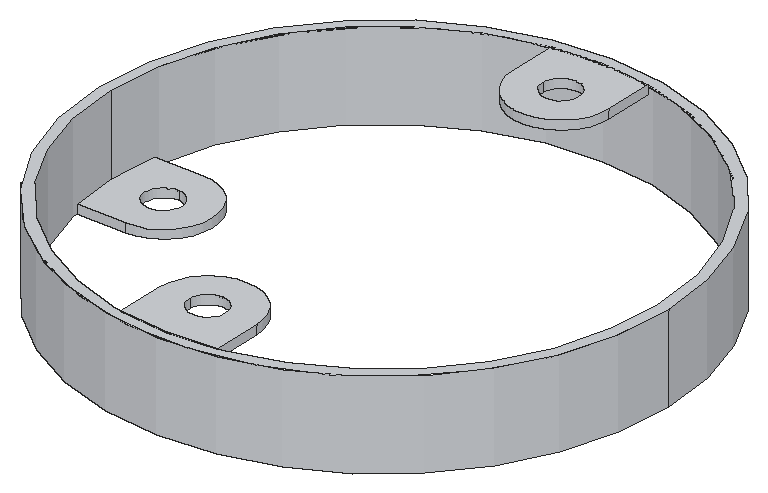
Revit family "SR10B", category Generic Models, Revit 2017
Family settings
  Can host rebar = No
  Round Connector Dimension = Use Diameter
  Part Type = Normal
  Work Plane-Based = Yes
  Always vertical = No
  Cut with Voids When Loaded = No
  Shared = No
  Room Calculation Point = No
Parameters (values of type "NBS Standard Parameters")
  Weight = "0.045Kg"
  WarrantyStartDate [instance] = "1900-12-31T23:59:59"
  WarrantyGuarantorParts = "n/a"
  WarrantyGuarantorLabor = "n/a"
  WarrantyDurationUnit = "1 year"
  WarrantyDurationParts = "n/a"
  WarrantyDurationLabor = "n/a"
  WarrantyDescription = "n/a"
  Version = "1"
  Uniclass2 = "Pr_65_70_11_20"
  TagNumber [instance] = "n/a"
  SustainabilityPerformance = "n/a"
  Size = "10mm"
  Shape = "Circular"
  SerialNumber [instance] = "n/a"
  Revision = "n/a"
  ReplacementCost = "n/a"
  ProductInformation = "www.metpro.co.uk/pdf/sr10g.pdf"
  NominalWidth = 65 mm
  NominalLength = 65 mm
  NominalHeight = 10 mm
  Name = ""
  NBSTypeID = ""
  NBSReference = "90-55-10/460"
  NBSOfficeMasterTag = ""
  NBSNote = ""
  NBSDescription = "Conduit fittings"
  NBSCertification = ""
  ModelReference = "SR10B"
  ModelNumber = "n/a"
  Material = "steel"
  ManufacturerURL = "www.metpro.co.uk"
  ManufacturerName = "Metpro Ltd"
  InstallationDate [instance] = "1900-12-31T23:59:59"
  IfcExportType = ""
  IfcExportAs = ""
  Grade = "n/a"
  Finish = "Black"
  Features = "n/a"
  ExpectedLife = "n/a"
  DurationUnit = "year"
  Description = "SR10B - 10mm Extension Ring"
  Default Elevation = 1219.2 mm
  Constituents = "n/a"
  Color = "n/a"
  CodePerformance = "n/a"
  Category = "n/a"
  BarCode [instance] = "n/a"
  BIMObjectName = "Metpro_metprolibrary_conduitfittings_metalcomponent_steelaccessories"
  Author = "Metpro Ltd"
  AssetType = ""
  AssetIdentifier [instance] = "n/a"
  AccessibilityPerformance = "n/a"
Reference planes
  plane 1 "Center (Front/Back)": y = 0
  plane 2: z = 0
  plane 3 "Center (Left/Right)": x = 0
Forms (mm)
  Extrusion 1, solid
    sketch origin (-42.148, -15.275, 0) x (1, 0, 0) y (0, 1, 0)
      loop
        circle (0, 0) r 32.5
      loop
        circle (0, 0) r 31.25
    from 0 to 10
  Extrusion 2, solid
    sketch origin (-42.148, -15.275, 10) x (1, 0, 0) y (0, 1, 0)
      loop
        arc (5.546, -25.174) -> (0.046, -19.674) -> (-5.454, -25.174) r 5.5
        line (-5.454, -25.174) -> (-5.454, -30.77)
        arc (-5.454, -30.77) -> (0.047, -31.25) -> (5.546, -30.754) r 31.25
        line (5.546, -30.754) -> (5.546, -25.174)
      loop
        circle (0, -25.2) r 2.1
      loop
        line (5.546, 25.174) -> (5.546, 30.754)
        arc (5.546, 30.754) -> (0.047, 31.25) -> (-5.454, 30.77) r 31.25
        line (-5.454, 30.77) -> (-5.454, 25.174)
        arc (-5.454, 25.174) -> (0.046, 19.674) -> (5.546, 25.174) r 5.5
      loop
        circle (0, 25.2) r 2.1
    from 0 to -1
  Extrusion 3, solid
    sketch origin (-42.148, -15.275, 0) x (0, 1, 0) y (1, 0, 0)
      loop
        line (5.546, 25.174) -> (5.546, 30.754)
        arc (5.546, 30.754) -> (0.047, 31.25) -> (-5.454, 30.77) r 31.25
        line (-5.454, 30.77) -> (-5.454, 25.174)
        arc (-5.454, 25.174) -> (0.046, 19.674) -> (5.546, 25.174) r 5.5
      loop
        circle (0, 25.2) r 2.1
      loop
        arc (5.546, -25.174) -> (0.046, -19.674) -> (-5.454, -25.174) r 5.5
        line (-5.454, -25.174) -> (-5.454, -30.77)
        arc (-5.454, -30.77) -> (0.047, -31.25) -> (5.546, -30.754) r 31.25
        line (5.546, -30.754) -> (5.546, -25.174)
      loop
        circle (0, -25.2) r 2.1
    from 0 to -1
Dimensions and locks
  aligned and locked: level to plane 2
